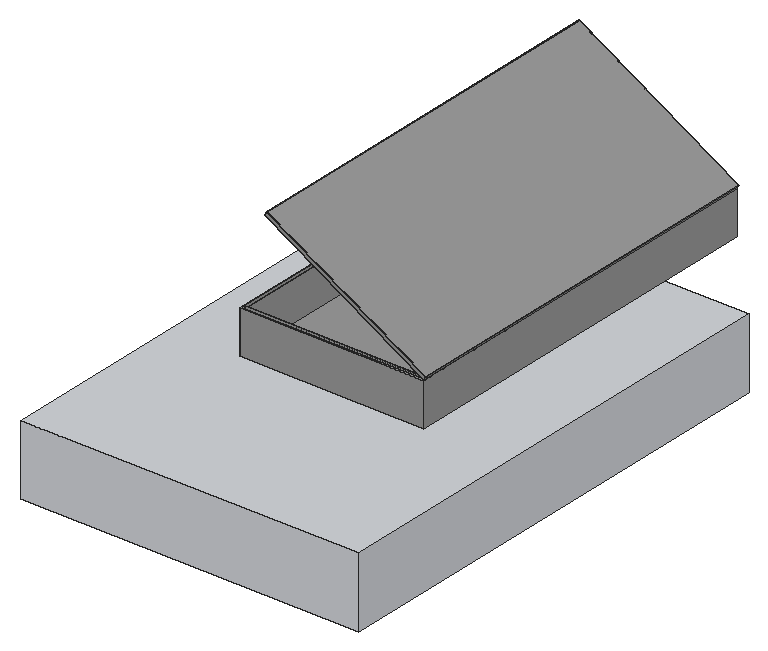
Revit family "Hager-Univers-IP44-D205-H1700-Cl.I-Encl-SE-en", category Equipement électrique, Revit 2020
Family settings
  Hôte = Face
  Configuration du panneau = Deux colonnes, circuits au sein
  Cote de connecteur circulaire = Utiliser le diamètre
  Type d'élément = Tableau de raccordement
  Couper avec des vides une fois chargée = Non
  Partagée = Non
  Point de calcul de pièce = Non
Parameters (values of type "Surface mounted (plaster) IP44 W800 H1700 D205  - FP13TN2")
  Width Control [instance] = if([EF000008 - Width] > Min Width, [EF000008 - Width], Min Width)  # 800 mm
  Commentaires du type = [HG000003 - Range]  # "Univers"
  Thickness Door [instance] = if([EF009171 - Material plate thickness door/cover] > 3 mm, 3 mm, [EF009171 - Material plate thickness door/cover])  # 1 mm
  Seal Frame Offset [instance] = 17 mm  # constant formula
  Plinth Visibility [instance] = [HG000027 - Plinth height] > 0 mm  # no
  Model = ""
  Min Width [instance] = 100 mm  # constant formula
  Min Height [instance] = 100 mm  # constant formula
  Min Depth [instance] = (2 * [EF009170 - Material plate thickness cabinet]) + 1 mm  # 3 mm
  Internal Frame Depth [instance] = (Door System Depth * 0.5)  # 9 mm
  Height Control [instance] = if([EF000040 - Height] > Min Height, [EF000040 - Height], Min Height)  # 1700 mm
  HG000027 - Plinth height = 0 mm
  HG000026 - Floor standing = no
  HG000024 - Bottom section height = 800 mm
  HG000023 - Double section enclosure = no
  HG000016 - Door 3d visibility [instance] = yes
  HG000015 - Clearance visibility [instance] = no
  HG000014 - Door on the right [instance] = yes
  HG000013 - Door on the left [instance] = not([HG000014 - Door on the right])  # no
  HG000012 - Door swing angle [instance] = 30.00°
  HG000010 - Asymmetric doors = no
  HG000009 - Double swing door = no
  HG000006 - Flush mounted = no
  HG000004 - Manufacturer reference = "FP13TN2"
  HG000003 - Range = "Univers"
  HG000002 - With door or cover = yes
  Frame Offset Bottom [instance] = 10 mm  # constant formula
  Frame Offset [instance] = 15 mm  # constant formula
  EF015940 - Cover with overpressure release = no
  EF011959 - Degree of protection (NEMA) = ""
  EF009554 - Number of openings for flange plates = 6
  EF009212 - Cover model = "EV000116 - Closed"
  EF009171 - Material plate thickness door/cover = 1 mm
  EF009170 - Material plate thickness cabinet = 1 mm
  Fabricant = "Hager"  # constant formula
  EF008873 - Nominal current (In) = 400 A
  EF007800 - Suitable for lightning protection = no
  EF006306 - With lock = no
  EF006244 - Transparent cover/door = no
  EF005474 - Degree of protection (IP) = "EV006418 - IP44"
  EF004464 - Type of door = "EV002646 - Single"
  EF004427 - Number of modules = 396
  EF004293 - Impact strength = "EV006815 - IK09"
  EF003532 - Suitable for outdoor use = no
  EF002950 - Width in number of modular spacings = 36
  EF001613 - Circuit integrity = "EV000494 - None"
  EF001596 - Material housing = "EV000179 - Steel"
  EF001131 - Internal depth = 205 mm
  EF001088 - Extension possible = yes
  EF000437 - Number of conduit inlets = 6
  EF000339 - Type of cover = "EV001012 - Cover"
  EF000266 - Number of rows = 11
  EF000218 - Built-in depth = 205 mm
  EF000118 - With mounting plate = no
  EF000116 - RAL-number = "9010"
  EF000049 - Depth = 205 mm
  EF000040 - Height = 1700 mm
  EF000008 - Width = 800 mm
  EF000007 - Colour = "EV000202 - White"
  EF000003 - Mounting method = "EV000384 - Surface mounted (plaster)"
  Door System Leaf Tolerance [instance] = 1.5 mm  # constant formula
  Door System Depth [instance] = 18 mm  # constant formula
  Door Height [instance] = Height Control - [HG000027 - Plinth height]  # 1700 mm
  Depth Control [instance] = if([EF000049 - Depth] > Min Depth, [EF000049 - Depth], Min Depth)  # 205 mm
  Default Elevation = 0 mm
  Connector Offset [instance] = Height Control / 2  # 850 mm
  Bottom Top Plate Trim [instance] = 1.5 mm  # constant formula
  Plinth height Ctrl [instance] = if([HG000027 - Plinth height] > 0 mm, [HG000027 - Plinth height], 12 mm)  # 12 mm
Types (5, lengths in mm): name | Width Control | HG000010 - Asymmetric doors | HG000009 - Double swing door | HG000004 - Manufacturer reference | EF009554 - Number of openings for flange plates | EF008873 - Nominal current (In) | EF004464 - Type of door | EF004427 - Number of modules | EF002950 - Width in number of modular spacings | EF000437 - Number of conduit inlets | EF000008 - Width
  Surface mounted (plaster) IP44 W1050 H1700 D205  - FP14TN2 | 1050 | no | yes | "FP14TN2" | 8 | 400 A | "EV003602 - Double" | 528 | 48 | 8 | 1050
  Surface mounted (plaster) IP44 W1300 H1700 D205  - FP15TN2 | 1300 | yes | yes | "FP15TN2" | 10 | 400 A | "EV003602 - Double" | 660 | 60 | 10 | 1300
  Surface mounted (plaster) IP44 W300 H1700 D205  - FP11TN2 | 300 | no | no | "FP11TN2" | 2 | 250 A | "EV002646 - Single" | 132 | 12 | 2 | 300
  Surface mounted (plaster) IP44 W550 H1700 D205  - FP12TN2 | 550 | no | no | "FP12TN2" | 4 | 250 A | "EV002646 - Single" | 264 | 24 | 4 | 550
  Surface mounted (plaster) IP44 W800 H1700 D205  - FP13TN2 | 800 | no | no | "FP13TN2" | 6 | 400 A | "EV002646 - Single" | 396 | 36 | 6 | 800
Reference planes
  plane 1 "Center (Front/Back)": y = 0
  plane 2: z = 0
  plane 3 "Center (Left/Right)": x = 0
  plane 4: z = 205
  plane 5: y = 1
  plane 6: y = 850
  plane 7: y = 0
  plane 8: y = 1700
  plane 9: z = 0
  plane 10: x = -385
  plane 11: x = 385
  plane 12: x = 384
  plane 13: x = -384
  plane 14: y = 1699
  plane 15: x = -383
  plane 16: x = -400
  plane 17: x = 383
  plane 18: x = 400
  plane 19: x = 399
  plane 20: x = -399
  plane 21: y = 11
  plane 22: y = 1700
  plane 23: y = 1684
  plane 24: z = 187
  plane 25: z = 1
  plane 26: z = 186
  plane 27: z = 204
Forms (mm)
  Extrusion 1, solid
    sketch origin (0, 0, 0) x (1, 0, 0) y (0, 1, 0)
      loop
        line (-702.964, 1305) -> (-702.964, -811.445) -> (766.763, -811.445) -> (766.763, 1305) -> (-702.964, 1305)
    from 0 to -304.8
  Extrusion 2, solid, material "Hager_Steel_RAL7035_Light_Grey", visible <- "Plinth Visibility", detail levels medium+fine
    sketch origin (0, 0, 0) x (1, 0, 0) y (0, 1, 0)
      loop
        line (-400, 0) -> (400, 0) -> (400, 12) -> (-400, 12) -> (-400, 0)
    from 0 to 187
  Extrusion 3, solid, material "Hager_Steel_RAL7035_Light_Grey", detail levels medium+fine
    sketch origin (0, 0, 0) x (1, 0, 0) y (0, 1, 0)
      loop
        line (-400, 0) -> (400, 0) -> (400, 1700) -> (-400, 1700) -> (-400, 0)
    from 0 to 187
  Extrusion 4, void
    sketch origin (0, 0, 0) x (1, 0, 0) y (0, 1, 0)
      loop
        line (-399, 1) -> (399, 1) -> (399, 1699) -> (-399, 1699) -> (-399, 1)
    from 1 to 186
  Extrusion 5, void
    sketch origin (-381.607, -4572, 187) x (0, -1, 0) y (-1, 0, 0)
      loop
        line (-4583, 2.393) -> (-6256, 2.393) -> (-6256, -765.607) -> (-4583, -765.607) -> (-4583, 2.393)
    from 0 to 1 <- "EF009170 - Material plate thickness cabinet"
  Extrusion 6, solid, material "Hager_Steel_RAL7035_Light_Grey", detail levels fine
    sketch origin (0, 0, 187) x (1, 0, 0) y (0, 1, 0)
      loop
        line (-384, 1684) -> (-384, 11) -> (384, 11) -> (384, 1684) -> (-384, 1684)
      loop
        line (-385, 10) -> (385, 10) -> (385, 1685) -> (-385, 1685) -> (-385, 10)
    from 0 to 9 <- "Internal Frame Depth"
  Extrusion 7, solid, material "Hager_Steel_RAL7035_Light_Grey", detail levels coarse
    sketch origin (0, 0, 0) x (1, 0, 0) y (0, 1, 0)
      loop
        line (-400, 0) -> (400, 0) -> (400, 1700) -> (-400, 1700) -> (-400, 0)
    from 0 to 205
  Sweep 8, void
    path in 3D
      loop
        line (-400, 12, 0) -> (400, 12, 0) -> (400, 12, 187) -> (-400, 12, 187) -> (-400, 12, 0)
    profile origin (-400, 12, 93.5) x (-1, 0, 0) y (0, -1, 0)
      loop
        line (0, 0) -> (0, 1.5) -> (-1.5, 1.5)
        arc (-1.5, 1.5) -> (-1.061, 0.439) -> (0, 0) r 1.5
Cuts and joins
  Extrusion 4, Extrusion 5 cuts Extrusion 3
  Sweep 8 cuts Extrusion 2
Lines and regions (mm)
  Masking region 1
    outline origin (0, 0, 0) x (1, 0, 0) y (0, 0, 1)
      loop
        line (-400, 205) -> (-400, 0) -> (400, 0) -> (400, 205) -> (-400, 205)
  Masking region 2, detail levels medium+fine
    outline origin (0, 140, 0) x (0, 1, 0) y (0, 0, 1)
      loop
        line (-140, 0) -> (1560, 0) -> (1560, 187) -> (-140, 187) -> (-140, 0)
  Masking region 3, not visible, detail levels medium+fine
    outline origin (0, 297.922, 0) x (0, 1, 0) y (0, 0, 1)
      loop
        line (563.578, 0) -> (603.578, 0) -> (603.578, 194)
        arc (603.578, 194) -> (600.649, 201.071) -> (593.578, 204) r 10
        line (593.578, 204) -> (563.578, 204) -> (563.578, 0)
  Masking region 4, detail levels coarse
    outline origin (0, 0, 180) x (0, 1, 0) y (0, 0, 1)
      loop
        line (0, -180) -> (1700, -180) -> (1700, 25) -> (0, 25) -> (0, -180)
  Masking region 5, visible <- "Plinth Visibility", detail levels medium+fine
    outline origin (0, 52.24, 12.345) x (0, 0, -1) y (0, 1, 0)
      loop
        line (10.845, -40.24) -> (-173.155, -40.24)
        arc (-173.155, -40.24) -> (-173.594, -41.301) -> (-174.655, -41.74) r 1.5
        line (-174.655, -41.74) -> (-174.655, -52.24) -> (12.345, -52.24) -> (12.345, -41.74)
        arc (12.345, -41.74) -> (11.285, -41.301) -> (10.845, -40.24) r 1.5
  Masking region 6, detail levels medium+fine
    outline origin (-381.607, -4572, 187) x (-1, 0, 0) y (0, -1, 0)
      loop
        line (18.393, -6272) -> (18.393, -4572) -> (-781.607, -4572) -> (-781.607, -6272) -> (18.393, -6272)
  Masking region 7, visible <- "Plinth Visibility", detail levels medium+fine
    outline origin (-381.607, -4727, 187) x (-1, 0, 0) y (0, -1, 0)
      loop
        arc (16.893, -4739) -> (17.332, -4737.939) -> (18.393, -4737.5) r 1.5
        line (18.393, -4737.5) -> (18.393, -4727) -> (-781.607, -4727) -> (-781.607, -4737.5)
        arc (-781.607, -4737.5) -> (-780.546, -4737.939) -> (-780.107, -4739) r 1.5
        line (-780.107, -4739) -> (16.893, -4739)
  Masking region 8, detail levels coarse
    outline origin (-442.548, -4669.526, 187) x (-1, 0, 0) y (0, -1, 0)
      loop
        line (-42.548, -6369.526) -> (-42.548, -4669.526) -> (-842.548, -4669.526) -> (-842.548, -6369.526) -> (-42.548, -6369.526)
  sketch lines
    curve 1: line (-400, 12, 187) -> (-400, 12, 0)
    curve 2: line (400, 12, 187) -> (-400, 12, 187)
    curve 3: line (400, 12, 187) -> (400, 12, 0)
    curve 4: line (-400, 12, 0) -> (400, 12, 0)
Dimensions and locks
  "Depth Control": plane 4 to Extrusion 1
  "HG000027 - Plinth height": plane 1 "Center (Front/Back)" to plane 7
  "EF009170 - Material plate thickness cabinet": plane 5 to plane 7
  locked: connector elem to plane 3 "Center (Left/Right)"
  equal spacing: plane 8, plane 6, plane 7
  locked: connector elem to plane 6
  "EF009170 - Material plate thickness cabinet": plane 8 to plane 14
  "EF009170 - Material plate thickness cabinet": plane 10 to plane 13
  "EF009170 - Material plate thickness cabinet": plane 12 to plane 11
  "Frame Offset": plane 20 to plane 13
  "Frame Offset": plane 12 to plane 19
  "EF009170 - Material plate thickness cabinet": plane 16 to plane 20
  "EF009170 - Material plate thickness cabinet": plane 19 to plane 18
  "Seal Frame Offset": plane 16 to plane 15
  "Seal Frame Offset": plane 17 to plane 18
  "Frame Offset Bottom": plane 21 to plane 5
  "Frame Offset": plane 14 to plane 23
  equal spacing: plane 16, plane 3 "Center (Left/Right)", plane 18
  "Width Control": plane 16 to plane 18
  "EF009170 - Material plate thickness cabinet": plane 4 to plane 27
  "EF009170 - Material plate thickness cabinet": plane 24 to plane 26
  "EF009170 - Material plate thickness cabinet": plane 25 to level
  "Door System Depth": plane 4 to plane 24
  "Height Control": plane 1 "Center (Front/Back)" to Extrusion 7 sketch curve
  "Height Control": Masking region 4 sketch curve to plane 1 "Center (Front/Back)"
  "Height Control": plane 1 "Center (Front/Back)" to plane 22
  "Bottom Top Plate Trim": profile plane to Sweep 8 sketch curve
  "Bottom Top Plate Trim": Sweep 8 sketch curve to profile plane
  "Plinth height Ctrl": plane 1 "Center (Front/Back)" to Extrusion 2 sketch curve
  "Plinth height Ctrl": Masking region 5 sketch curve to plane 1 "Center (Front/Back)"
  "Plinth height Ctrl": plane 1 "Center (Front/Back)" to Masking region 7 sketch curve
  "Thickness Door": Extrusion 6 sketch curve to Extrusion 6 sketch curve  (x3)
  "Thickness Door": cut or joined group of Extrusion 3, Extrusion 4, Extrusion 5 to Extrusion 6 sketch curve
  radius of Masking region 3 sketch curve = 10 mm
  "Bottom Top Plate Trim": radius of Masking region 5 sketch curve  (x2)
  "Bottom Top Plate Trim": radius of Sweep 8 sketch curve
  "Bottom Top Plate Trim": radius of Masking region 7 sketch curve  (x2)
  aligned and locked: plane 2 to Extrusion 1
  aligned and locked: level to Extrusion 1
  aligned and locked: level to Masking region 1 sketch curve
  aligned and locked: Masking region 1 sketch curve to plane 18
  aligned and locked: Masking region 1 sketch curve to plane 16
  aligned and locked: plane 7 to Masking region 2 sketch curve
  aligned and locked: level to Masking region 3 sketch curve
  aligned and locked: Masking region 3 sketch curve to plane 27
  aligned and locked: level to Masking region 2 sketch curve
  aligned and locked: plane 1 "Center (Front/Back)" to Extrusion 2 sketch curve
  aligned and locked: Extrusion 3 sketch curve to plane 7
  aligned and locked: plane 16 to Extrusion 3 sketch curve
  aligned and locked: plane 18 to Extrusion 3 sketch curve
  aligned and locked: plane 20 to Extrusion 4 sketch curve
  aligned and locked: plane 19 to Extrusion 4 sketch curve
  aligned and locked: Extrusion 4 sketch curve to plane 5
  aligned and locked: Extrusion 4 to plane 25
  aligned and locked: plane 26 to Extrusion 4
  aligned and locked: plane 24 to Extrusion 3
  aligned and locked: Extrusion 5 sketch curve to plane 21
  aligned and locked: Extrusion 5 sketch curve to plane 13
  aligned and locked: Extrusion 5 sketch curve to plane 12
  aligned and locked: plane 18 to Extrusion 7 sketch curve
  aligned and locked: plane 1 "Center (Front/Back)" to Extrusion 7 sketch curve
  aligned and locked: plane 16 to Extrusion 7 sketch curve
  aligned and locked: plane 4 to Extrusion 7
  aligned and locked: Extrusion 7 to level
  aligned and locked: level to Masking region 4 sketch curve
  aligned and locked: Masking region 4 sketch curve to plane 1 "Center (Front/Back)"
  aligned and locked: Masking region 4 sketch curve to plane 4
  aligned and locked: nested 1 to level
  aligned and locked: nested 1 to plane 16
  aligned and locked: plane 8 to Extrusion 3 sketch curve
  aligned and locked: plane 23 to Extrusion 5 sketch curve
  aligned and locked: plane 14 to Extrusion 4 sketch curve
  aligned and locked: Masking region 2 sketch curve to plane 8
  aligned and locked: level to Masking region 5 sketch curve
  aligned and locked: plane 16 to Extrusion 2 sketch curve
  aligned and locked: plane 18 to Extrusion 2 sketch curve
  aligned and locked: Masking region 5 sketch curve to plane 24
  aligned and locked: Masking region 2 sketch curve to plane 24
  aligned and locked: plane 24 to Extrusion 2
  aligned and locked: profile plane to Sweep 8 sketch curve  (x2)
  aligned and locked: Masking region 6 sketch curve to plane 18
  aligned and locked: Masking region 6 sketch curve to plane 22
  aligned and locked: Masking region 6 sketch curve to plane 16
  aligned and locked: plane 8 to plane 22
  aligned and locked: Masking region 6 sketch curve to plane 7
  aligned and locked: Masking region 7 sketch curve to plane 16
  aligned and locked: Masking region 7 sketch curve to plane 1 "Center (Front/Back)"
  aligned and locked: Masking region 7 sketch curve to plane 18
  aligned and locked: Masking region 8 sketch curve to plane 1 "Center (Front/Back)"
  aligned and locked: Masking region 8 sketch curve to plane 18
  aligned and locked: Masking region 8 sketch curve to plane 22
  aligned and locked: Masking region 8 sketch curve to plane 16
  aligned and locked: nested 2 to plane 7
  aligned and locked: plane 3 "Center (Left/Right)" to nested 2
  aligned and locked: nested 2 to plane 24
  aligned and locked: Extrusion 6 sketch curve to cut or joined group of Extrusion 3, Extrusion 4, Extrusion 5  (x4)
Automatic sketch dimensions
  Extrusion 1 sketch curve to Extrusion 1 sketch curve = 1469.727 mm
  Extrusion 1 sketch curve to Extrusion 1 sketch curve = 2116.445 mm
  Masking region 1 sketch curve to plane 4 = 0 mm
  plane 6 to Masking region 3 sketch curve = 11.5 mm
  Masking region 3 sketch curve to Masking region 3 sketch curve = 30 mm
  Masking region 5 sketch curve to plane 1 "Center (Front/Back)" = 0 mm
Nested families
  nested 1: "Hager_Enclosure_Symbol" at (-400, 0, 0) x (1, 0, 0) z (0, -1, 0), Height <- "Depth Control", Width <- "Width Control", type "Hager_Enclosure_Symbol"
    with Width_Ctrl 800 mm, Width 800 mm, Height_Ctrl 205 mm, Height 205 mm, A_Width_Int 13.453 mm, A_Width 161.438 mm, A_Height_Ctrl 179.375 mm, A_Height 179.375 mm
  nested 2: "EC000058_Univers_Door" at (0, 0, 187) x (1, 0, 0) z (0, 1, 0), Leaf_Tolerance <- "Door System Leaf Tolerance", Angle <- "HG000012 - Door swing angle", Door_Depth <- "Door System Depth", Door_Left <- "HG000013 - Door on the left", Transparent <- "EF006244 - Transparent cover/door", Assymetrical <- "HG000010 - Asymmetric doors", Width <- "Width Control", Clearance <- "HG000015 - Clearance visibility", Double <- "HG000009 - Double swing door", 3d_Door <- "HG000016 - Door 3d visibility", Lock_Visibility <- "EF006306 - With lock", Width_Ctrl <- "Width Control", Door_Right <- "HG000014 - Door on the right", Door <- "HG000002 - With door or cover", Height <- "Door Height", Thickness <- "Thickness Door", type "EC000058_Univers_Door", detail levels medium+fine
    with min_wh 3 mm, Width_Ctrl 800 mm, Width 800 mm, Transparent no, Thickness 1 mm, Seal_Material Hager_Rubber, Lock_Visibility no, Lock_Material Hager_Plastic_RAL9005_Jet_Black, Leaf_Width 800 mm, Leaf_Tolerance_External_Sides 0 mm, Leaf_Tolerance 1.5 mm, Leaf_Offset 0 mm, Leaf_Height 1697 mm, Leaf_2_Width 800 mm, Leaf_2_Offset 400 mm, Leaf_1_Width 800 mm, Leaf_1_Offset 400 mm, Height_Ctrl 1700 mm, Height 1700 mm, Glass_Material Hager_Glass, Double_Clearance_Ctrl no, Double no, Door_Right_Ctrl yes, Door_Right yes, Door_Material Hager_Steel_RAL7035_Light_Grey, Door_Left_Ctrl no, Door_Left no, Door_Depth 18 mm, Door yes, Clearance_Material Hager_Clearance, Clearance_Depth 800 mm, Clearance_Ctrl no, Clearance no, Assymetrical no, Angle 30.00°, 3d_Door yes
Connectors
  electrical at (0, 850, 0)
    settings: on plane 9, index 1, voltage 0 V, apparent load 0 VA, apparent load phase1 0 VA, apparent load phase2 0 VA, apparent load phase3 0 VA, power factor 1, load classification "Other", number of poles 1, system type 30, power factor state 1, is connector primary yes, connector utility no, sub classification motor no, connector description ""
Definition of nested family "EC000058_Univers_Door"
  Parameters (values of type "EC000058_Univers_Door")
    min_wh [instance] = (2 * Thickness) + 1 mm  # 11 mm
    Width_Ctrl [instance] = 400 mm
    Width [instance] = 500 mm
    Transparent [instance] = yes
    Thickness [instance] = 5 mm
    Seal_Material [instance] = none
    Lock_Visibility [instance] = yes
    Lock_Material [instance] = none
    Leaf_Width [instance] = if((Width_Ctrl - 2 * Leaf_Tolerance_External_Sides) > 0 mm, (Width_Ctrl - 2 * Leaf_Tolerance_External_Sides), min_wh)  # 400 mm
    Leaf_Tolerance_External_Sides [instance] = 0 mm  # constant formula
    Leaf_Tolerance [instance] = 1.5 mm
    Leaf_Offset [instance] = 0 mm  # constant formula
    Leaf_Height [instance] = if((Height_Ctrl - 2 * Leaf_Tolerance) > 0 mm, (Height_Ctrl - 2 * Leaf_Tolerance), min_wh)  # 497 mm
    Leaf_2_Width [instance] = if(and(and(Double, Assymetrical), Door_Left), (Leaf_Width / 3) - (Leaf_Tolerance / 2), if(and(and(Double, Assymetrical), Door_Right), (Leaf_Width / 3) * 2 - (Leaf_Tolerance / 2), if(and(Double, not(Assymetrical)), (Leaf_Width / 2) - Leaf_Tolerance, Leaf_Width)))  # 400 mm
    Leaf_2_Offset [instance] = if(and(Double, Assymetrical), Leaf_2_Width / 2, if(and(Double, not(Assymetrical)), Leaf_Width / 4, Leaf_Width / 2))  # 200 mm
    Leaf_1_Width [instance] = if(and(and(Double, Assymetrical), Door_Right), (Leaf_Width / 3) - (Leaf_Tolerance / 2), if(and(and(Double, Assymetrical), Door_Left), (Width / 3) * 2 - (Leaf_Tolerance / 2), if(and(Double, not(Assymetrical)), (Leaf_Width / 2) - Leaf_Tolerance, Leaf_Width)))  # 400 mm
    Leaf_1_Offset [instance] = if(and(Double, Assymetrical), Leaf_1_Width / 2, if(and(Double, not(Assymetrical)), Leaf_Width / 4, Leaf_Width / 2))  # 200 mm
    Height_Ctrl [instance] = if(Height > min_wh, Height, min_wh)  # 500 mm
    Height [instance] = 500 mm
    Glass_Material [instance] = none
    Double_Clearance_Ctrl [instance] = and(Double, Clearance)  # no
    Double [instance] = no
    Door_Right_Ctrl [instance] = and(or(Door_Right, Double), Door)  # yes
    Door_Right [instance] = yes
    Door_Material [instance] = none
    Door_Left_Ctrl [instance] = and(or(Door_Left, Double), Door)  # no
    Door_Left [instance] = no
    Door_Depth [instance] = 30 mm
    Door [instance] = yes
    Default Elevation = 1219.2 mm
    Clearance_Material [instance] = none
    Clearance_Depth [instance] = if(Leaf_1_Width > Leaf_2_Width, Leaf_1_Width, Leaf_2_Width)  # 400 mm
    Clearance_Ctrl [instance] = and(not(Double), Clearance)  # yes
    Clearance [instance] = yes
    Assymetrical [instance] = yes
    Angle [instance] = 30.00°
    3d_Door [instance] = yes
  Reference planes
    plane 1 "Center (Front/Back)": y = 0
    plane 2 "Bottom": z = 0
    plane 3 "Center (Left/Right)": x = 0
    plane 4: z = 500
    plane 5: x = -200
    plane 6: x = 200
    plane 7: z = 500
    plane 8: x = -200
    plane 9: z = 0
    plane 10: x = 200
    plane 11: y = 0
    plane 12: z = 1.5
    plane 13: x = -600
    plane 14: y = -400
    plane 15: x = 600
    plane 16: x = 0
    plane 17: x = 0
    plane 18: x = -200
    plane 19: x = 200
    plane 20: z = 498.5
  Forms (mm)
    Extrusion 1, solid, material <- "Clearance_Material", visible <- "Double_Clearance_Ctrl"
      sketch origin (1200, 0, 0) x (1, 0, 0) y (0, 0, -1)
        loop
          line (-1800, -498.5) -> (-600, -498.5) -> (-600, 0) -> (-1800, 0) -> (-1800, -498.5)
      from 0 to -400
  Dimensions and locks
    equal spacing: plane 5, plane 3 "Center (Left/Right)", plane 6
    "Width_Ctrl": plane 5 to plane 6
    "Leaf_Offset": plane 5 to plane 8
    "Leaf_Offset": plane 6 to plane 10
    "Leaf_Offset": plane 9 to level
    "Leaf_Offset": plane 4 to plane 7
    "Height_Ctrl": plane 4 to level
    "Leaf_Tolerance": plane 12 to plane 9
    locked: plane 11 to plane 1 "Center (Front/Back)"
    "Leaf_1_Offset": plane 18 to plane 16
    "Leaf_2_Offset": plane 17 to plane 19
    "Leaf_1_Width": plane 13 to plane 8
    "Leaf_2_Width": plane 10 to plane 15
    "Clearance_Depth": plane 14 to plane 1 "Center (Front/Back)"
    "Leaf_Tolerance_External_Sides": plane 8 to plane 18
    "Leaf_Tolerance_External_Sides": plane 19 to plane 10
    "Leaf_Tolerance": plane 7 to plane 20
    aligned and locked: level to plane 2 "Bottom"
    aligned and locked: nested 1 to plane 16
    aligned and locked: nested 2 to plane 17
    aligned and locked: Extrusion 1 to plane 13
    aligned and locked: plane 15 to Extrusion 1
    aligned and locked: Extrusion 1 to plane 14
    aligned and locked: plane 12 to nested 1
    aligned and locked: nested 2 to plane 12
    aligned and locked: Extrusion 1 to plane 11
    aligned and locked: plane 20 to Extrusion 1
    aligned and locked: nested 2 to plane 11
    aligned and locked: nested 1 to plane 11
  Automatic sketch dimensions
    Extrusion 1 sketch curve to level = 0 mm
    plane 5 to Extrusion 1 sketch curve = 400 mm
    plane 6 to Extrusion 1 sketch curve = 400 mm
    Extrusion 1 sketch curve to plane 4 = 1.5 mm
  Nested families
    nested 1: "EC000058_Univers_Door_Leaf" at (0, 0, 1.5), Width <- "Leaf_1_Width", visible <- "Door_Left_Ctrl", Leaf_Height <- "Leaf_Height", Angle <- "Angle", 3d_Door <- "3d_Door", Transparent <- "Transparent", Clearance Material <- "Clearance_Material", Clearance <- "Clearance_Ctrl", Door_Material <- "Door_Material", Glass_Material <- "Glass_Material", Door_Depth <- "Door_Depth", Lock_Material <- "Lock_Material", Seal_Material <- "Seal_Material", Lock_Visibility <- "Lock_Visibility", Thickness <- "Thickness", type "EC000058_Univers_Door_Leaf"
      with Width 400 mm, Transparent_Glass_Offset 30 mm, Transparent_Ctrl yes, Transparent yes, Thickness 5 mm, Standard no, Seal_Material none, Seal_D2 8 mm, Seal_D1 1 mm, Offset_Internal_Frame 10 mm, Lock_Width 20 mm, Lock_Visibility_3d yes, Lock_Visibility yes, Lock_Thickness_3 3 mm, Lock_Thickness_2 1 mm, Lock_Thickness_1 3 mm, Lock_Radius_Offset_2 16 mm, Lock_Radius_Offset_1 15 mm, Lock_Radius_2 5 mm, Lock_Radius 6 mm, Lock_Offset 5 mm, Lock_Material none, Lock_Height 80 mm, Lock_Cover_Top_Offset_2d 17 mm, Lock_Cover_Height -65 mm, Leaf_Height 497 mm, Internal_Seal_Thickness 8 mm, Internal_Seal_Depth_2 4.5 mm, Internal_Frame_Depth 25 mm, Glass_Thickness -1 mm, Glass_Offset -2 mm, Glass_Material none, Door_Material none, Door_Depth 30 mm, Clearance Material none, Clearance yes, Angle_Ctrl 30.00°, Angle 30.00°, 3d_Door yes
    nested 2: "EC000058_Univers_Door_Leaf" at (0, 0, 1.5) x (-1, 0, 0) z (0, 0, 1), Width <- "Leaf_2_Width", visible <- "Door_Right_Ctrl", Leaf_Height <- "Leaf_Height", Angle <- "Angle", 3d_Door <- "3d_Door", Transparent <- "Transparent", Clearance Material <- "Clearance_Material", Clearance <- "Clearance_Ctrl", Door_Material <- "Door_Material", Glass_Material <- "Glass_Material", Door_Depth <- "Door_Depth", Lock_Material <- "Lock_Material", Seal_Material <- "Seal_Material", Lock_Visibility <- "Lock_Visibility", Thickness <- "Thickness", type "EC000058_Univers_Door_Leaf"
      with Width 400 mm, Transparent_Glass_Offset 30 mm, Transparent_Ctrl yes, Transparent yes, Thickness 5 mm, Standard no, Seal_Material none, Seal_D2 8 mm, Seal_D1 1 mm, Offset_Internal_Frame 10 mm, Lock_Width 20 mm, Lock_Visibility_3d yes, Lock_Visibility yes, Lock_Thickness_3 3 mm, Lock_Thickness_2 1 mm, Lock_Thickness_1 3 mm, Lock_Radius_Offset_2 16 mm, Lock_Radius_Offset_1 15 mm, Lock_Radius_2 5 mm, Lock_Radius 6 mm, Lock_Offset 5 mm, Lock_Material none, Lock_Height 80 mm, Lock_Cover_Top_Offset_2d 17 mm, Lock_Cover_Height -65 mm, Leaf_Height 497 mm, Internal_Seal_Thickness 8 mm, Internal_Seal_Depth_2 4.5 mm, Internal_Frame_Depth 25 mm, Glass_Thickness -1 mm, Glass_Offset -2 mm, Glass_Material none, Door_Material none, Door_Depth 30 mm, Clearance Material none, Clearance yes, Angle_Ctrl 30.00°, Angle 30.00°, 3d_Door yes
  Definition of nested family "EC000058_Univers_Door_Leaf"
    Parameters (values of type "EC000058_Univers_Door_Leaf")
      Width [instance] = 2000 mm
      Transparent_Glass_Offset [instance] = 30 mm
      Transparent_Ctrl [instance] = and(Transparent, [3d_Door])  # yes
      Transparent [instance] = yes
      Thickness [instance] = 5 mm
      Standard [instance] = and(not(Transparent), [3d_Door])  # no
      Seal_Material [instance] = none
      Seal_D2 [instance] = 8 mm  # constant formula
      Seal_D1 [instance] = 1 mm  # constant formula
      Offset_Internal_Frame [instance] = 10 mm  # constant formula
      Lock_Width [instance] = 20 mm  # constant formula
      Lock_Visibility_3d [instance] = and(Lock_Visibility, [3d_Door])  # yes
      Lock_Visibility [instance] = yes
      Lock_Thickness_3 [instance] = 3 mm  # constant formula
      Lock_Thickness_2 [instance] = 1 mm  # constant formula
      Lock_Thickness_1 [instance] = 3 mm  # constant formula
      Lock_Radius_Offset_2 [instance] = Lock_Radius_Offset_1 + 1 mm  # 16 mm
      Lock_Radius_Offset_1 [instance] = 15 mm  # constant formula
      Lock_Radius_2 [instance] = Lock_Radius - 1 mm  # 5 mm
      Lock_Radius [instance] = 6 mm  # constant formula
      Lock_Offset [instance] = 5 mm  # constant formula
      Lock_Material [instance] = none
      Lock_Height [instance] = 80 mm  # constant formula
      Lock_Cover_Top_Offset_2d [instance] = Lock_Radius_Offset_2 + 1 mm  # 17 mm
      Lock_Cover_Height [instance] = -(Lock_Height - Lock_Radius_Offset_1)  # -65 mm
      Leaf_Height [instance] = 2720.336 mm
      Internal_Seal_Thickness [instance] = 8 mm  # constant formula
      Internal_Seal_Depth_2 [instance] = 4.5 mm  # constant formula
      Internal_Frame_Depth [instance] = if(Door_Depth - Thickness > 5 mm, Door_Depth - Thickness, 5 mm)  # 25 mm
      Glass_Thickness [instance] = if(Thickness > 15 mm, Glass_Offset + 10 mm, -1 mm)  # -1 mm
      Glass_Offset [instance] = if(Thickness > 15 mm, -(Thickness + 10 mm) / 2, -2 mm)  # -2 mm
      Glass_Material [instance] = none
      Door_Material [instance] = none
      Door_Depth [instance] = 30 mm
      Default Elevation = 0 mm
      Clearance Material [instance] = none
      Clearance [instance] = yes
      Angle_Ctrl [instance] = if(Angle > 180.00°, 180.00°, Angle)  # 90.00°
      Angle [instance] = 90.00°
      3d_Door [instance] = yes
    Reference planes
      plane 1 "Center (Front/Back)": y = 0
      plane 2: z = 0
      plane 3 "Center (Left/Right)": x = 0
      plane 4: y = 2000
      plane 5: x = -1000
      plane 6: x = 1000
      plane 7: x = -3000
      plane 8: z = 2720.336
      plane 9: z = 30
      plane 10: z = 2690.336
      plane 11: x = 970
      plane 12: x = -970
      plane 13: y = -3
      plane 14: z = 107.833
      plane 15: y = -5
      plane 16: y = -223.314
      plane 17: x = -1000
      plane 18: z = 1360.168
      plane 19: y = 30
    Forms (mm)
      Extrusion 1, solid, material <- "Clearance Material", visible <- "Clearance"
        sketch origin (0, 0, 0) x (1, 0, 0) y (0, 0, 1)
          loop
            line (-3000, 2720.336) -> (-3000, 0) -> (1000, 0) -> (1000, 2720.336) -> (-3000, 2720.336)
        from 0 to -2000
      Extrusion 2, solid, material <- "Door_Material", visible <- "Standard", detail levels medium+fine
        sketch origin (-1000, 0, 0) x (0, 1, 0) y (-1, 0, 0)
          loop
            line (0, 30) -> (0, 25) -> (2000, 25) -> (2000, 30) -> (0, 30)
        from 0 to 2720.336 <- "Leaf_Height"
      Extrusion 3, solid, material <- "Door_Material", visible <- "Transparent_Ctrl", detail levels medium+fine
        sketch origin (-1000, 0, 0) x (0, 1, 0) y (-1, 0, 0)
          loop
            line (0, 25) -> (2000, 25) -> (2000, 30) -> (0, 30) -> (0, 25)
        from 0 to 2720.336 <- "Leaf_Height"
      Extrusion 4, void
        sketch origin (-1025, 2000, 0) x (0, 1, 0) y (0, 0, -1)
          loop
            line (-30, -2690.336) -> (-30, -30) -> (-1970, -30) -> (-1970, -2690.336) -> (-30, -2690.336)
        from 0 to 5 <- "Thickness"
      Sweep 5, solid, material <- "Seal_Material", visible <- "Transparent_Ctrl", detail levels fine
        path in 3D
          loop
            line (-1025, 30, 30) -> (-1025, 30, 2690.336) -> (-1025, 1970, 2690.336) -> (-1025, 1970, 30) -> (-1025, 30, 30)
        profile origin (-1025, 1000, 30) x (1, 0, 0) y (0, 0, 1)
          loop
            line (0, 0) -> (0, -8) -> (1, -8) -> (1, 0) -> (0, 0)
      Extrusion 6, solid, material <- "Glass_Material", visible <- "Transparent_Ctrl", detail levels medium+fine
        sketch origin (-1030, 0, 0) x (0, 1, 0) y (0, 0, -1)
          loop
            line (1970, -2690.336) -> (1970, -30) -> (30, -30) -> (30, -2690.336) -> (1970, -2690.336)
        from -2 <- "Glass_Offset" to -1 <- "Glass_Thickness"
      Extrusion 7, solid, material <- "Door_Material", visible <- "3d_Door", detail levels medium+fine
        sketch origin (-1025, 2000, 0) x (0, -1, 0) y (0, 0, -1)
          loop
            line (0, -2720.336) -> (2000, -2720.336) -> (2000, 0) -> (0, 0) -> (0, -2720.336)
          loop
            line (1995, -5) -> (5, -5) -> (5, -2715.336) -> (1995, -2715.336) -> (1995, -5)
        from 0 to 25 <- "Internal_Frame_Depth"
      Sweep 8, solid, material <- "Seal_Material", visible <- "Transparent_Ctrl", detail levels fine
        path in 3D
          loop
            line (-1025, 0, 0) -> (-1025, 2000, 0) -> (-1025, 2000, 2720.336) -> (-1025, 0, 2720.336) -> (-1025, 0, 0)
        profile origin (-1025, 0, 1360.168) x (1, 0, 0) y (0, 1, 0)
          loop
            line (0, 10) -> (2.975, 10)
            arc (2.975, 10) -> (4.053, 10.447) -> (4.5, 11.525) r 1.525
            line (4.5, 11.525) -> (4.5, 16.527)
            arc (4.5, 16.527) -> (4.069, 17.569) -> (3.027, 18) r 1.473
            line (3.027, 18) -> (0, 18) -> (0, 10)
      Extrusion 9, solid, material <- "Lock_Material", visible <- "Lock_Visibility_3d", detail levels fine
        sketch origin (-1030, 0, 0) x (0, 1, 0) y (0, 0, -1)
          loop
            arc (1993.5, -1400.168) -> (1994.561, -1399.729) -> (1995, -1398.668) r 1.5
            line (1995, -1398.668) -> (1995, -1320.168) -> (1975, -1320.168) -> (1975, -1398.668)
            arc (1975, -1398.668) -> (1975.439, -1399.729) -> (1976.5, -1400.168) r 1.5
            line (1976.5, -1400.168) -> (1993.5, -1400.168)
        from 3 <- "Lock_Thickness_1" to 0
      Blend 10, solid, material <- "Lock_Material", visible <- "Lock_Visibility_3d", detail levels fine
        base sketch origin (-1033, 0, 0) x (0, 1, 0) y (0, 0, -1)
          loop
            line (1975, -1320.168) -> (1975, -1398.668)
            arc (1975, -1398.668) -> (1975.439, -1399.729) -> (1976.5, -1400.168) r 1.5
            line (1976.5, -1400.168) -> (1993.5, -1400.168)
            arc (1993.5, -1400.168) -> (1994.561, -1399.729) -> (1995, -1398.668) r 1.5
            line (1995, -1398.668) -> (1995, -1320.168) -> (1975, -1320.168)
        top sketch origin (-1033, 0, 0) x (0, 1, 0) y (0, 0, -1)
          loop
            line (1976, -1320.168) -> (1976, -1398.668)
            arc (1976, -1398.668) -> (1976.146, -1399.022) -> (1976.5, -1399.168) r 0.5
            line (1976.5, -1399.168) -> (1993.5, -1399.168)
            arc (1993.5, -1399.168) -> (1993.854, -1399.022) -> (1994, -1398.668) r 0.5
            line (1994, -1398.668) -> (1994, -1320.168) -> (1976, -1320.168)
        from 0 to 1 <- "Lock_Thickness_2"
      Blend 11, solid, material <- "Lock_Material", visible <- "Lock_Visibility_3d", detail levels fine
        base sketch origin (-1034, 0, 0) x (0, 1, 0) y (0, 0, -1)
          loop
            line (1978, -1320.168) -> (1978, -1384.168)
            arc (1978, -1384.168) -> (1985, -1391.168) -> (1992, -1384.168) r 7
            line (1992, -1384.168) -> (1992, -1320.168) -> (1978, -1320.168)
        top sketch origin (-1034, 0, 0) x (0, 1, 0) y (0, 0, -1)
          loop
            line (1991, -1320.168) -> (1979, -1320.168) -> (1979, -1383.168)
            arc (1979, -1383.168) -> (1985, -1389.168) -> (1991, -1383.168) r 6
            line (1991, -1383.168) -> (1991, -1320.168)
        from 0 to 3 <- "Lock_Thickness_3"
      Extrusion 12, solid, material <- "Lock_Material", visible <- "Lock_Visibility_3d", detail levels fine
        sketch origin (-1030, 1975, 1320.168) x (1, 0, 0) y (0, -1, 0)
          loop
            line (-7, -19) -> (-7, -1) -> (0, -1) -> (0, 0) -> (-8, 0) -> (-8, -20) -> (0, -20) -> (0, -19) -> (-7, -19)
        from 0 to -65 <- "Lock_Cover_Height"
      Extrusion 13, void
        sketch origin (-1038, 1995, 1320.168) x (-1, 0, 0) y (0, 0, -1)
          loop
            line (-5, -65) -> (0, -65) -> (-5, -60) -> (-5, -65)
        from 0 to 20 <- "Lock_Width"
      Extrusion 14, void
        sketch origin (-1038, 1975, 1320.168) x (0, -1, 0) y (0, 0, -1)
          loop
            circle (-10, -15.995) r 6
          loop
            circle (-10, -15.995) r 5
        from 0 to 2
      Extrusion 15, solid, material <- "Lock_Material", visible <- "Lock_Visibility_3d", detail levels medium
        sketch origin (-1030, 0, 0) x (0, 1, 0) y (0, 0, -1)
          loop
            arc (1993.5, -1400.168) -> (1994.561, -1399.729) -> (1995, -1398.668) r 1.5
            line (1995, -1398.668) -> (1995, -1320.168) -> (1975, -1320.168) -> (1975, -1398.668)
            arc (1975, -1398.668) -> (1975.439, -1399.729) -> (1976.5, -1400.168) r 1.5
            line (1976.5, -1400.168) -> (1993.5, -1400.168)
        from 8 to 0
    Cuts and joins
      Extrusion 4 cuts Extrusion 3
      Extrusion 13, Extrusion 14 cuts Extrusion 9
      Extrusion 14 cuts Blend 11
      Extrusion 13, Extrusion 14 cuts Extrusion 12
      joined: Extrusion 9, Blend 10, Blend 11, Extrusion 12
      Extrusion 14 cuts Extrusion 15
    Lines and regions (mm)
      Masking region 1, visible <- "Lock_Visibility", detail levels fine
        outline origin (0, 0, 0) x (0, 1, 0) y (0, 0, 1)
          loop
            line (30, 1320.168) -> (33, 1320.168) -> (33, 1400.168) -> (30, 1400.168) -> (30, 1320.168)
      Masking region 2, visible <- "Lock_Visibility", detail levels fine
        outline origin (0, 3.143, 0) x (0, 1, 0) y (0, 0, 1)
          loop
            line (29.857, 1354.168) -> (30.857, 1354.168) -> (30.857, 1366.168) -> (29.857, 1366.168) -> (29.857, 1354.168)
      Masking region 3, detail levels medium+fine
        outline origin (0, 0, 0) x (0, 1, 0) y (0, 0, 1)
          loop
            line (0, 0) -> (30, 0) -> (30, 2720.336) -> (0, 2720.336) -> (0, 0)
      Masking region 4, detail levels medium+fine
        outline origin (0, 0, 0) x (1, 0, 0) y (0, 0, 1)
          loop
            line (-1000, 2720.336) -> (-1000, 0) -> (1000, 0) -> (1000, 2720.336) -> (-1000, 2720.336)
      Masking region 5, visible <- "Lock_Visibility", detail levels fine
        outline origin (-47.116, 0, 0) x (1, 0, 0) y (0, 0, 1)
          loop
            arc (1024.616, 1399.168) -> (1023.556, 1398.729) -> (1023.116, 1397.668) r 1.5
            line (1023.116, 1397.668) -> (1023.116, 1320.168) -> (1041.116, 1320.168) -> (1041.116, 1397.668)
            arc (1041.116, 1397.668) -> (1040.677, 1398.729) -> (1039.616, 1399.168) r 1.5
            line (1039.616, 1399.168) -> (1024.616, 1399.168)
      Masking region 6, visible <- "Lock_Visibility", detail levels medium+fine
        outline origin (-25, 0, 0) x (1, 0, 0) y (0, 0, 1)
          loop
            arc (1001.5, 1400.168) -> (1000.439, 1399.729) -> (1000, 1398.668) r 1.5
            line (1000, 1398.668) -> (1000, 1320.168) -> (1020, 1320.168) -> (1020, 1398.668)
            arc (1020, 1398.668) -> (1019.561, 1399.729) -> (1018.5, 1400.168) r 1.5
            line (1018.5, 1400.168) -> (1001.5, 1400.168)
      Masking region 7, visible <- "Lock_Visibility", detail levels fine
        outline origin (-73.735, 0, 0) x (1, 0, 0) y (0, 0, 1)
          loop
            line (1051.735, 1382.168) -> (1065.735, 1382.168) -> (1065.735, 1384.168)
            arc (1065.735, 1384.168) -> (1058.735, 1391.168) -> (1051.735, 1384.168) r 7
            line (1051.735, 1384.168) -> (1051.735, 1382.168)
      Masking region 8, visible <- "Lock_Visibility", detail levels fine
        outline origin (-73.735, 0, 0) x (1, 0, 0) y (0, 0, 1)
          loop
            line (1052.735, 1382.168) -> (1064.735, 1382.168) -> (1064.735, 1383.168)
            arc (1064.735, 1383.168) -> (1058.735, 1389.168) -> (1052.735, 1383.168) r 6
            line (1052.735, 1383.168) -> (1052.735, 1382.168)
      Masking region 9, visible <- "Lock_Visibility", detail levels fine
        outline origin (-25, 0, 0) x (1, 0, 0) y (0, 0, 1)
          loop
            line (1020, 1320.168) -> (1020, 1382.168) -> (1000, 1382.168) -> (1000, 1320.168) -> (1020, 1320.168)
      Masking region 10, detail levels medium+fine
        outline origin (0, 0, 0) x (1, 0, 0) y (0, 0, 1)
          loop
            circle (985, 1335.144) r 6
      Masking region 11, detail levels fine
        outline origin (0, 0, 0) x (1, 0, 0) y (0, 0, 1)
          loop
            circle (985, 1335.144) r 5
      Masking region 12, visible <- "Lock_Visibility", detail levels fine
        outline origin (0, 12.767, 0) x (0, 1, 0) y (0, 0, 1)
          loop
            line (20.233, 1320.168) -> (21.233, 1320.168) -> (21.233, 1399.168) -> (20.233, 1400.168) -> (20.233, 1320.168)
      Masking region 13, visible <- "Lock_Visibility", detail levels fine
        outline origin (0, 13.767, -10) x (0, 1, 0) y (0, 0, 1)
          loop
            line (20.233, 1330.168) -> (23.233, 1330.168) -> (23.233, 1399.168) -> (20.233, 1402.168) -> (20.233, 1330.168)
      Masking region 14, visible <- "Lock_Visibility", detail levels fine
        outline origin (0, 12.767, -10) x (0, 1, 0) y (0, 0, 1)
          loop
            line (20.233, 1330.168) -> (25.233, 1330.168) -> (25.233, 1399.305) -> (20.233, 1394.305) -> (20.233, 1330.168)
      Masking region 15, visible <- "Lock_Visibility", detail levels medium
        outline origin (0, 0, 0) x (0, 1, 0) y (0, 0, 1)
          loop
            line (30, 1320.168) -> (38, 1320.168) -> (38, 1400.168) -> (30, 1400.168) -> (30, 1320.168)
      Masking region 16, visible <- "Lock_Visibility", detail levels fine
        outline origin (-1000, 0, 0) x (0, 1, 0) y (-1, 0, 0)
          loop
            line (1975, 30) -> (1995, 30) -> (1995, 38) -> (1975, 38) -> (1975, 30)
          loop
            line (1979, 37) -> (1976, 37) -> (1976, 34) -> (1978, 34) -> (1979, 37)
          loop
            line (1994, 37) -> (1991, 37) -> (1992, 34) -> (1994, 34) -> (1994, 37)
      Masking region 17, visible <- "Lock_Visibility", detail levels medium
        outline origin (-1000, 0, 0) x (0, 1, 0) y (-1, 0, 0)
          loop
            line (1975, 30) -> (1995, 30) -> (1995, 38) -> (1975, 38) -> (1975, 30)
      symbolic lines
        curve 1: line (1000, 0, 0) -> (-3000, 0, 0)
        curve 2: arc (1000, 0, 0) -> (-1000, 2000, 0) -> (-3000, 0, 0) r 2000
        curve 4: line (-1030, 0, 0) -> (-1030, 2000, 0)
      reference lines
        curve 3: line (-1000, 0, 0) -> (-1000, 2000, 0)
      symbolic lines, detail levels medium+fine
        curve 5: line (-1030, 2000, 0) -> (-1025, 2000, 0)
        curve 7: line (-1025, 0, 0) -> (-1030, 0, 0)
        curve 8: line (-1025, 0, 0) -> (-1000, 0, 0)
        curve 9: line (-1000, 0, 0) -> (-1000, 2000, 0)
        curve 10: line (-1000, 2000, 0) -> (-1025, 2000, 0)
      symbolic lines, detail levels fine
        curve 6: line (-1025, 2000, 0) -> (-1025, 0, 0)
      sketch lines
        curve 11: line (-1025, 0, 2720.336) -> (-1025, 0, 0)
        curve 12: line (-1025, 2000, 0) -> (-1025, 0, 0)
        curve 13: line (-1025, 2000, 2720.336) -> (-1025, 2000, 0)
        curve 14: line (-1025, 0, 2720.336) -> (-1025, 2000, 2720.336)
        curve 15: line (-1025, 1970, 30) -> (-1025, 30, 30)
        curve 16: line (-1025, 30, 30) -> (-1025, 30, 2690.336)
        curve 17: line (-1025, 1970, 2690.336) -> (-1025, 1970, 30)
        curve 18: line (-1025, 30, 2690.336) -> (-1025, 1970, 2690.336)
      symbolic lines, visible <- "Transparent", detail levels medium+fine
        curve 19: line (-970, 0, 2690.336) -> (970, 0, 2690.336)
        curve 20: line (-970, 0, 30) -> (-970, 0, 2690.336)
        curve 21: line (970, 0, 30) -> (-970, 0, 30)
        curve 22: line (970, 0, 2690.336) -> (970, 0, 30)
    Dimensions and locks
      "Width": plane 1 "Center (Front/Back)" to plane 4
      equal spacing: plane 5, plane 3 "Center (Left/Right)", plane 6
      "Width": plane 5 to plane 6
      "Width": plane 7 to plane 5
      "Leaf_Height": plane 8 to level
      "Width": curve 5 to curve 3
      "Width": curve 3 to curve 3
      plane 8 to plane 10 = 30 mm
      plane 9 to level = 30 mm
      plane 12 to plane 5 = 30 mm
      plane 6 to plane 11 = 30 mm
      Extrusion 1 to Extrusion 4 sketch curve = 30 mm
      "Transparent_Glass_Offset": curve 3 to Extrusion 4 sketch curve
      "Transparent_Glass_Offset": Extrusion 4 sketch curve to cut or joined group of Extrusion 3, Extrusion 4  (x2)
      cut or joined group of Extrusion 3, Extrusion 4 to Extrusion 6 sketch curve = 30 mm
      "Transparent_Glass_Offset": cut or joined group of Extrusion 3, Extrusion 4 to Extrusion 4 sketch curve
      "Thickness": curve 6 to curve 4
      "Thickness": Extrusion 7 sketch curve to Extrusion 7 sketch curve  (x4)
      "Door_Depth": curve 4 to curve 3
      "Offset_Internal_Frame": profile plane to Sweep 8 sketch curve
      "Internal_Seal_Thickness": Sweep 8 sketch curve to Sweep 8 sketch curve
      "Internal_Seal_Depth_2": profile plane to Sweep 8 sketch curve
      "Seal_D1": profile plane to Sweep 5 sketch curve
      "Seal_D2": profile plane to Sweep 5 sketch curve
      "Thickness": Extrusion 2 sketch curve to Extrusion 2 sketch curve
      equal spacing: Extrusion 9 sketch curve, plane 18, Extrusion 9 sketch curve  (x2)
      equal spacing: Masking region 1 sketch curve, plane 18, Masking region 1 sketch curve
      "Lock_Height": Masking region 1 sketch curve to Masking region 1 sketch curve
      "Lock_Radius": Masking region 2 sketch curve to plane 18 to Masking region 2 sketch curve
      Masking region 2 sketch curve to Masking region 1 = 1 mm
      "Door_Depth": plane 19 to plane 1 "Center (Front/Back)"
      "Lock_Thickness_1": Masking region 1 sketch curve to plane 19
      "Lock_Width": Extrusion 9 sketch curve to Extrusion 9 sketch curve
      "Lock_Height": Extrusion 9 sketch curve to Extrusion 9 sketch curve
      "Lock_Offset": cut or joined group of Extrusion 3, Extrusion 4 to Extrusion 9 sketch curve
      equal spacing: plane 8, plane 18, level
      "Lock_Radius_Offset_1": Blend 11 sketch curve to Blend 10
      locked: Blend 10 to Blend 11 sketch curve at 2  (x2)
      locked: var sketch to Blend 11 sketch curve at 1  (x2)
      "Lock_Radius_Offset_2": Blend 11 sketch curve to Blend 10
      locked: Extrusion 12 sketch curve to Extrusion 12 sketch curve at 1  (x3)
      Masking region 6 sketch curve to Masking region 6 sketch curve = 80 mm
      "Lock_Height": Masking region 6 sketch curve to Masking region 6 sketch curve
      "Lock_Width": Masking region 6 sketch curve to Masking region 6 sketch curve
      locked: Masking region 6 to Masking region 5 sketch curve at 1  (x3)
      locked: Masking region 5 to Masking region 7 sketch curve at 2  (x2)
      "Lock_Radius_Offset_1": Masking region 5 to Masking region 7 sketch curve
      "Lock_Radius_Offset_2": Masking region 5 to Masking region 8 sketch curve
      locked: Masking region 7 to Masking region 8 sketch curve at 1  (x2)
      "Lock_Cover_Top_Offset_2d": Masking region 5 to Masking region 9 sketch curve
      equal spacing: Masking region 9, Masking region 10 sketch curve, Masking region 9
      equal spacing: Masking region 9, Masking region 11 sketch curve, Masking region 9
      Extrusion 15 sketch curve to Extrusion 15 sketch curve = 80 mm
      "Lock_Width": Extrusion 15 sketch curve to Extrusion 15 sketch curve
      "Lock_Height": Extrusion 15 sketch curve to Extrusion 15 sketch curve
      equal spacing: Extrusion 15 sketch curve, plane 18, Extrusion 15 sketch curve
      "Lock_Thickness_3": Masking region 13 sketch curve to Masking region 13 sketch curve
      "Lock_Height": Masking region 12 sketch curve to Masking region 12 sketch curve
      locked: Masking region 13 sketch curve to Masking region 1 at 8
      locked: Masking region 14 sketch curve to Masking region 13 at 1
      locked: Masking region 14 sketch curve to Masking region 1 at 10.863
      "Lock_Height": Masking region 15 sketch curve to Masking region 15 sketch curve
      "Lock_Offset": Extrusion 15 sketch curve to cut or joined group of Extrusion 3, Extrusion 4
      "Lock_Offset": plane 6 to Masking region 6 sketch curve
      radius of Sweep 8 sketch curve = 1.525 mm
      radius of Sweep 8 sketch curve = 1.473 mm
      radius of Extrusion 9 sketch curve = 1.5 mm  (x2)
      "Lock_Radius": radius of Extrusion 14 sketch curve
      "Lock_Radius_2": radius of Extrusion 14 sketch curve
      "Lock_Radius": radius of Masking region 10 sketch curve
      "Lock_Radius_2": radius of Masking region 11 sketch curve
      radius of Extrusion 15 sketch curve = 1.5 mm  (x2)
      "Angle_Ctrl": angle plane 1 "Center (Front/Back)" to curve 3
      locked: Masking region 12 sketch curve to Masking region 12 sketch curve (angle 45.00°)
      locked: Masking region 13 sketch curve to Masking region 13 sketch curve (angle 45.00°)
      locked: Masking region 14 sketch curve to Masking region 14 sketch curve (angle 45.00°)
      aligned and locked: level to plane 2
      aligned and locked: Extrusion 1 to curve 1
      aligned and locked: plane 6 to Extrusion 1
      aligned and locked: Extrusion 1 to plane 1 "Center (Front/Back)"
      aligned and locked: plane 4 to Extrusion 1
      aligned and locked: plane 8 to Extrusion 1
      aligned and locked: curve 7 to Extrusion 2 sketch curve
      aligned and locked: curve 5 to Extrusion 2 sketch curve
      aligned and locked: curve 7 to Extrusion 3 sketch curve
      aligned and locked: Extrusion 3 sketch curve to curve 4
      aligned and locked: Extrusion 3 sketch curve to curve 6
      aligned and locked: Extrusion 3 sketch curve to curve 5
      aligned and locked: curve 9 to curve 3
      aligned and locked: Extrusion 7 sketch curve to cut or joined group of Extrusion 3, Extrusion 4  (x4)
      aligned and locked: plane 17 to curve 3
      aligned and locked: plane 1 "Center (Front/Back)" to curve 3
      aligned and locked: plane 17 to plane 5
      aligned and locked: Sweep 8 sketch curve to profile plane
      aligned and locked: Sweep 5 sketch curve to profile plane  (x2)
      aligned and locked: Masking region 1 to Masking region 2 sketch curve
      aligned and locked: plane 19 to Masking region 1 sketch curve
      aligned and locked: plane 1 "Center (Front/Back)" to Masking region 3 sketch curve
      aligned and locked: plane 19 to Masking region 3 sketch curve
      aligned and locked: level to Masking region 3 sketch curve
      aligned and locked: Masking region 3 sketch curve to plane 8
      aligned and locked: plane 17 to Masking region 4 sketch curve
      aligned and locked: level to Masking region 4 sketch curve
      aligned and locked: Masking region 4 sketch curve to plane 8
      aligned and locked: plane 12 to curve 20
      aligned and locked: plane 10 to curve 19
      aligned and locked: plane 11 to curve 22
      aligned and locked: curve 21 to plane 9
      aligned and locked: Extrusion 2 sketch curve to cut or joined group of Extrusion 3, Extrusion 4
      aligned and locked: Blend 10 sketch curve to Extrusion 9  (x4)
      aligned and locked: Extrusion 9 to Blend 10 sketch curve
      aligned and locked: Blend 10 to Blend 11 sketch curve
      aligned and locked: Extrusion 12 sketch curve to Blend 11
      aligned and locked: Extrusion 12 sketch curve to Extrusion 9  (x4)
      aligned and locked: Masking region 5 sketch curve to Masking region 6
      aligned and locked: Masking region 9 sketch curve to Masking region 6  (x3)
      aligned and locked: Masking region 12 sketch curve to Masking region 1
      aligned and locked: Masking region 13 sketch curve to Masking region 1
      aligned and locked: Masking region 12 to Masking region 14
      aligned and locked: Masking region 14 sketch curve to Masking region 1
      aligned and locked: Masking region 15 sketch curve to Masking region 14
      aligned and locked: Masking region 13 sketch curve to Masking region 12
      aligned and locked: Masking region 16 sketch curve to cut or joined group of Extrusion 14, Extrusion 15  (x4)
      aligned and locked: Masking region 16 sketch curve to cut or joined group of Extrusion 9, Blend 10, Blend 11, Extrusion 12, Extrusion 13, Extrusion 14  (x6)
      aligned and locked: cut or joined group of Extrusion 9, Blend 10, Blend 11, Extrusion 12, Extrusion 13, Extrusion 14 to Masking region 16 sketch curve
      aligned and locked: Masking region 17 sketch curve to cut or joined group of Extrusion 14, Extrusion 15  (x3)
      aligned and locked: Masking region 17 sketch curve to cut or joined group of Extrusion 9, Blend 10, Blend 11, Extrusion 12, Extrusion 13, Extrusion 14
      aligned and locked: Masking region 9 to Masking region 8 sketch curve
      aligned and locked: Masking region 9 to Masking region 7 sketch curve
    Automatic sketch dimensions
      plane 1 "Center (Front/Back)" to curve 2 = 0 mm
      curve 2 to plane 5 = 0 mm
      Extrusion 1 sketch curve to level = 0 mm
      Extrusion 1 sketch curve to plane 7 = 0 mm
      Extrusion 1 sketch curve to plane 6 = 0 mm
      Extrusion 1 sketch curve to plane 8 = 0 mm
      Extrusion 3 to Extrusion 6 sketch curve = 30 mm  (x4)
      Masking region 4 sketch curve to plane 6 = 0 mm
      Blend 10 sketch curve to Extrusion 9 = 1.5 mm
      Blend 10 sketch curve to Extrusion 9 = 1 mm
      Extrusion 13 sketch curve to Extrusion 12 = 0 mm  (x2)
      Extrusion 12 to Extrusion 13 sketch curve = 3 mm
      Extrusion 13 sketch curve to Extrusion 12 = 5 mm
      Extrusion 14 sketch curve to Extrusion 14 sketch curve = 0 mm  (x2)
      Extrusion 14 sketch curve to Extrusion 12 = 10 mm
      Extrusion 14 sketch curve to Extrusion 12 = 15.995 mm
      Masking region 5 sketch curve to Masking region 5 sketch curve = 1.5 mm  (x2)
      Masking region 10 sketch curve to plane 18 = 25.024 mm
      Masking region 11 sketch curve to plane 18 = 25.024 mm
      plane 19 to Masking region 14 sketch curve = 3 mm
      Masking region 16 sketch curve to Masking region 16 sketch curve = 3 mm
      curve 4 to curve 3 = 0 mm
      Blend 10 to Blend 11 sketch curve = 0 mm
      Masking region 6 sketch curve to Masking region 6 sketch curve = 1.5 mm  (x2)
      Masking region 6 sketch curve to plane 18 = 40 mm
      plane 19 to Masking region 12 sketch curve = 3 mm
      Masking region 12 sketch curve to Masking region 12 sketch curve = 1 mm
      Masking region 15 sketch curve to plane 19 = 0 mm
      Masking region 15 sketch curve to plane 18 = 40 mm
      radius of Blend 10 sketch curve to Extrusion 9 = 1 mm
Definition of nested family "Hager_Enclosure_Symbol"
  Parameters (values of type "Hager_Enclosure_Symbol")
    Width_Ctrl [instance] = if(Width > 1 mm, Width, 1 mm)  # 102.27 mm
    Width [instance] = 102.27 mm
    Height_Ctrl [instance] = if(Height > 1 mm, Height, 1 mm)  # 66.5 mm
    A_Width_Int [instance] = if(A_Width / 12 > 2 mm, A_Width / 12, 2 mm)  # 4.364 mm
    A_Width [instance] = if(A_Height_Ctrl * 0.9 > 2 mm, A_Height_Ctrl * 0.9, 2 mm)  # 52.369 mm
    A_Height_Ctrl [instance] = if(A_Height > 2 mm, A_Height, 2 mm)  # 58.188 mm
    Height [instance] = 66.5 mm
    A_Height [instance] = Height - (Height / 8)  # 58.188 mm
  Reference planes
    plane 1 "Centre (avant/arrière)": y = 0
    plane 2: z = 0
    plane 3 "Centre (gauche/droite)": x = 0
    plane 4: x = 52.369
    plane 5: y = 33.042
    plane 6: y = 41.77
    plane 7: y = 66.5
    plane 8: x = 26.184
    plane 9: y = 37.406
    plane 10: x = 102.27
    plane 11: y = 66.5
    plane 12: y = 8.313
  Lines and regions (mm)
    Filled region 1, type "Solid_Black", in view "Niveau de réf."
      outline origin (0, 0, 0) x (1, 0, 0) y (0, 1, 0)
        loop
          line (52.369, 66.5) -> (33.188, 54.536) -> (45.365, 45.006) -> (52.369, 66.5)
    Filled region 2, type "Solid_Black", in view "Niveau de réf."
      outline origin (0, 0, 0) x (1, 0, 0) y (0, 1, 0)
        loop
          line (0, 0) -> (102.27, 0) -> (102.27, 66.5) -> (0, 0)
    detail lines, in view "Niveau de réf."
      curve 1: line (0, 8.313, 0) -> (26.184, 41.77, 0)
      curve 2: line (26.184, 41.77, 0) -> (26.184, 33.042, 0)
      curve 3: line (26.184, 33.042, 0) -> (52.369, 66.5, 0)
  Dimensions and locks
    "A_Width": plane 3 "Centre (gauche/droite)" to plane 4
    equal spacing: plane 3 "Centre (gauche/droite)", plane 8, plane 4
    equal spacing: plane 6, plane 9, plane 5
    equal spacing: curve 3, Filled region 1 sketch curve, Filled region 1 sketch curve
    "Height_Ctrl": plane 1 "Centre (avant/arrière)" to plane 11
    "A_Height_Ctrl": plane 11 to plane 12
    equal spacing: plane 11, plane 9, plane 12
    "A_Width_Int": plane 6 to plane 9
    "Width_Ctrl": plane 3 "Centre (gauche/droite)" to plane 10
    angle Filled region 1 sketch curve to curve 3 = 20.00°
    angle curve 3 to Filled region 1 sketch curve = 20.00°
    locked: curve 3 to Filled region 1 sketch curve (angle 90.00°)
    aligned and locked: plane 10 to Filled region 2
    aligned and locked: plane 11 to Filled region 2 sketch curve
    aligned and locked: plane 10 to Filled region 2 sketch curve
    aligned and locked: plane 3 "Centre (gauche/droite)" to curve 1
    aligned and locked: plane 12 to curve 1
    aligned and locked: plane 7 to plane 11
  Automatic sketch dimensions
    Filled region 1 sketch curve to plane 4 = 0 mm
    Filled region 1 sketch curve to plane 7 = 0 mm
    plane 1 "Centre (avant/arrière)" to Filled region 2 sketch curve = 0 mm
    Filled region 2 sketch curve to plane 3 "Centre (gauche/droite)" = 0 mm
    curve 2 to plane 6 = 0 mm
    curve 2 to plane 8 = 0 mm
    curve 3 to plane 4 = 0 mm
    curve 2 to plane 5 = 0 mm
    curve 3 to plane 7 = 0 mm
